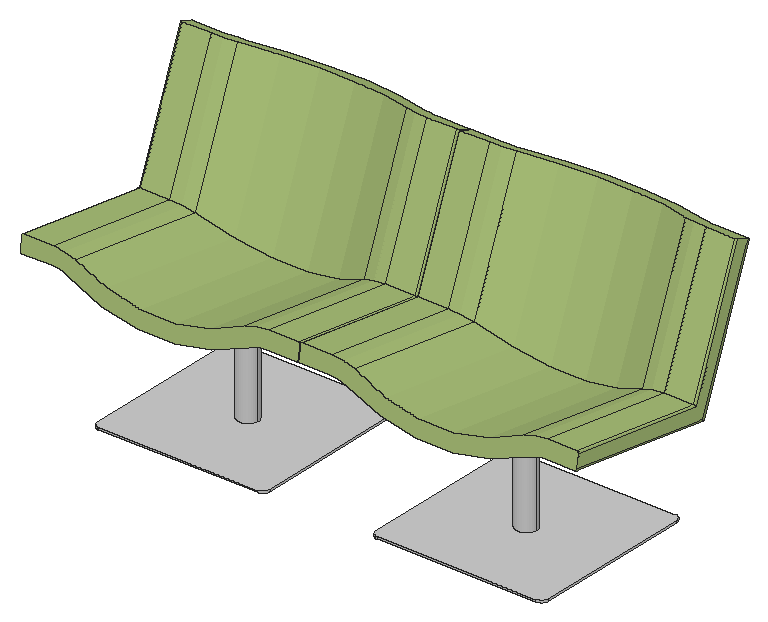
Revit family "FU_Chair_Sandler_Wave 901-21", category Furniture, Revit 2020
Family settings
  OmniClass Number = 23.40.20.00
  OmniClass Title = General Furniture and Specialties
  Work Plane-Based = No
  Always vertical = Yes
  Cut with Voids When Loaded = No
  Shared = No
  Room Calculation Point = No
Parameters (values of type "Wave 901.21")
  Width = 1640 mm
  URL = "https://www.sandlerseating.com/product/wave-901-16/"
  Seat [instance] = Fabric - Manhattan - Ellis YI365
  Model = "Wave 901.21"
  Manufacturer = "Sandler"
  Height = 790 mm
  Frame [instance] = Metal - Chrome - Brushed
  Description = "Fully upholstered sofa with matt stainless steel base. Custom length made to order."
  Depth = 740 mm
  Default Elevation = 0 mm
Reference planes
  plane 1 "Center (Front/Back)": y = 0
  plane 2: z = 0
  plane 3 "Center (Left/Right)": x = 0
  plane 4 "Right": x = -820
  plane 5 "Left": x = 820
  plane 6 "Back": y = 370
  plane 7 "Front": y = -370
  plane 8 "Height": z = 790
  plane 9 "Seat height": z = 400
  plane 10 "Seat Angle RIGHT": through (4267.2, -347.803, 362.871) normal (0, 0.1556, 0.9878)
  plane 11 "Back Angle RIGHT": through (4267.2, 180.02, 279.721) normal (0, -0.9266, 0.3761)
  plane 12 "Right Seat FRONT": x = -410.588
  plane 13 "Left Seat FRONT": x = 410.588
Forms (mm)
  Extrusion 1, solid, material "Metal - Chrome - Brushed" <- "Frame"
    sketch origin (-410.588, 36.245, 302.371) x (0, -0.987818, 0.155615) y (1, 0, 0)
      loop
        circle (46.674, 0) r 90
    from -11.483 to 10
  Extrusion 2, solid, material "Metal - Chrome - Brushed" <- "Frame"
    sketch origin (-410.588, -9.867, 400) x (-1, 0, 0) y (0, -1, 0)
      loop
        circle (0, 0) r 30
    from -400 to -87.464
  Sweep 3, solid, material "Fabric - Manhattan - Ellis YI365" <- "Seat"
    path origin (-410.588, 0, 0) x (0, 0, 1) y (0, -1, 0)
      loop
        line (362.871, 347.803) -> (279.721, -180.02) -> (744.495, -368.698)
    profile "pro_Wave_Seat : pro_Wave_Seat" origin (-410.588, -83.892, 321.296) x (0, 0.155615, 0.987818) y (1, 0, 0)
      loop
        arc (119.273, -410) -> (122.808, -408.536) -> (124.273, -405) r 5
        line (124.273, -405) -> (124.273, -317.864)
        arc (124.273, -317.864) -> (120.926, -282.712) -> (111.007, -248.822) r 186.299
        arc (111.007, -248.822) -> (49.961, 0) -> (111.007, 248.822) r 537.619
        arc (111.007, 248.822) -> (120.926, 282.712) -> (124.273, 317.864) r 186.299
        line (124.273, 317.864) -> (124.273, 405)
        arc (124.273, 405) -> (122.808, 408.536) -> (119.273, 410) r 5
        line (119.273, 410) -> (79.668, 410)
        arc (79.668, 410) -> (76.132, 408.536) -> (74.668, 405) r 5
        line (74.668, 405) -> (74.668, 317.864)
        arc (74.668, 317.864) -> (71.661, 290.477) -> (62.783, 264.394) r 126.227
        arc (62.783, 264.394) -> (0, 0) -> (62.783, -264.394) r 588.102
        arc (62.783, -264.394) -> (71.661, -290.477) -> (74.668, -317.864) r 126.227
        line (74.668, -317.864) -> (74.668, -405)
        arc (74.668, -405) -> (76.132, -408.536) -> (79.668, -410) r 5
        line (79.668, -410) -> (119.273, -410)
  Sweep 4, solid, material "Fabric - Manhattan - Ellis YI365" <- "Seat"
    path origin (410.588, 0, 0) x (0, 0, 1) y (0, 1, 0)
      loop
        line (362.871, -347.803) -> (279.721, 180.02) -> (744.495, 368.698)
    profile "pro_Wave_Seat : pro_Wave_Seat" origin (410.588, -83.892, 321.296) x (0, -0.155615, -0.987818) y (-1, 0, 0)
      loop
        line (-119.273, -410) -> (-79.668, -410)
        arc (-79.668, -410) -> (-76.132, -408.536) -> (-74.668, -405) r 5
        line (-74.668, -405) -> (-74.668, -317.864)
        arc (-74.668, -317.864) -> (-71.661, -290.477) -> (-62.783, -264.394) r 126.227
        arc (-62.783, -264.394) -> (0, 0) -> (-62.783, 264.394) r 588.102
        arc (-62.783, 264.394) -> (-71.661, 290.477) -> (-74.668, 317.864) r 126.227
        line (-74.668, 317.864) -> (-74.668, 405)
        arc (-74.668, 405) -> (-76.132, 408.536) -> (-79.668, 410) r 5
        line (-79.668, 410) -> (-119.273, 410)
        arc (-119.273, 410) -> (-122.808, 408.536) -> (-124.273, 405) r 5
        line (-124.273, 405) -> (-124.273, 317.864)
        arc (-124.273, 317.864) -> (-120.926, 282.712) -> (-111.007, 248.822) r 186.299
        arc (-111.007, 248.822) -> (-49.961, 0) -> (-111.007, -248.822) r 537.619
        arc (-111.007, -248.822) -> (-120.926, -282.712) -> (-124.273, -317.864) r 186.299
        line (-124.273, -317.864) -> (-124.273, -405)
        arc (-124.273, -405) -> (-122.808, -408.536) -> (-119.273, -410) r 5
  Extrusion 5, solid, material "Metal - Chrome - Brushed" <- "Frame"
    sketch origin (0, 0, 0) x (1, 0, 0) y (0, 1, 0)
      loop
        arc (-176.295, -265.414) -> (-162.153, -259.556) -> (-156.295, -245.414) r 20
        line (-156.295, -245.414) -> (-156.295, 226.227)
        arc (-156.295, 226.227) -> (-162.153, 240.369) -> (-176.295, 246.227) r 20
        line (-176.295, 246.227) -> (-644.881, 246.227)
        arc (-644.881, 246.227) -> (-659.023, 240.369) -> (-664.881, 226.227) r 20
        line (-664.881, 226.227) -> (-664.881, -245.414)
        arc (-664.881, -245.414) -> (-659.023, -259.556) -> (-644.881, -265.414) r 20
        line (-644.881, -265.414) -> (-176.295, -265.414)
    from 0 to 5
  Extrusion 6, solid, material "Metal - Chrome - Brushed" <- "Frame"
    sketch origin (410.588, 36.245, 302.371) x (0, -0.987818, 0.155615) y (1, 0, 0)
      loop
        circle (46.674, 0) r 90
    from -11.483 to 10
  Extrusion 7, solid, material "Metal - Chrome - Brushed" <- "Frame"
    sketch origin (410.588, -9.867, 400) x (1, 0, 0) y (0, 1, 0)
      loop
        circle (0, 0) r 30
    from -400 to -87.464
  Extrusion 8, solid, material "Metal - Chrome - Brushed" <- "Frame"
    sketch origin (0, 0, 0) x (-1, 0, 0) y (0, -1, 0)
      loop
        line (-176.295, 265.414) -> (-644.881, 265.414)
        arc (-644.881, 265.414) -> (-659.023, 259.556) -> (-664.881, 245.414) r 20
        line (-664.881, 245.414) -> (-664.881, -226.227)
        arc (-664.881, -226.227) -> (-659.023, -240.369) -> (-644.881, -246.227) r 20
        line (-644.881, -246.227) -> (-176.295, -246.227)
        arc (-176.295, -246.227) -> (-162.153, -240.369) -> (-156.295, -226.227) r 20
        line (-156.295, -226.227) -> (-156.295, 245.414)
        arc (-156.295, 245.414) -> (-162.153, 259.556) -> (-176.295, 265.414) r 20
    from 0 to 5
Lines and regions (mm)
  reference lines
    curve 1: line (-441.103, 0, 177.711) -> (-380.073, 0, 177.711)
    curve 2: line (441.103, 0, 177.711) -> (380.073, 0, 177.711)
Dimensions and locks
  equal spacing: plane 4 "Right", plane 3 "Center (Left/Right)", plane 5 "Left"
  "Width": plane 4 "Right" to plane 5 "Left"
  equal spacing: plane 6 "Back", plane 1 "Center (Front/Back)", plane 7 "Front"
  "Depth": plane 6 "Back" to plane 7 "Front"
  "Height": plane 8 "Height" to level
  plane 9 "Seat height" to level = 400 mm
  aligned and locked: level to plane 2
Automatic sketch dimensions
  Extrusion 1 sketch curve to plane 12 "Right Seat FRONT" = 0 mm
  Extrusion 2 sketch curve to plane 12 "Right Seat FRONT" = 0 mm
  plane 1 "Center (Front/Back)" to Extrusion 2 sketch curve = 9.867 mm
  Sweep 3 sketch curve to plane 10 "Seat Angle RIGHT" = 0 mm  (x2)
  Sweep 3 sketch curve to plane 11 "Back Angle RIGHT" = 0 mm  (x2)
  plane 7 "Front" to Sweep 3 sketch curve = 22.197 mm
  Sweep 3 sketch curve to plane 6 "Back" = 1.302 mm
  curve 1 to plane 12 "Right Seat FRONT" = 30.515 mm
  plane 12 "Right Seat FRONT" to curve 1 = 30.515 mm
  level to curve 1 = 177.711 mm
  plane 13 "Left Seat FRONT" to curve 2 = 30.515 mm
  curve 2 to plane 13 "Left Seat FRONT" = 30.515 mm
  level to curve 2 = 177.711 mm
  Sweep 4 sketch curve to plane 10 "Seat Angle RIGHT" = 0 mm  (x2)
  Sweep 4 sketch curve to plane 11 "Back Angle RIGHT" = 0 mm  (x2)
  plane 7 "Front" to Sweep 4 sketch curve = 22.197 mm
  Sweep 4 sketch curve to plane 6 "Back" = 1.302 mm
  Extrusion 5 sketch curve to plane 4 "Right" = 155.119 mm
  Extrusion 5 sketch curve to Extrusion 5 sketch curve = 20 mm  (x3)
  Extrusion 5 sketch curve to plane 3 "Center (Left/Right)" = 176.295 mm  (x2)
  plane 7 "Front" to Extrusion 5 sketch curve = 104.586 mm
  Extrusion 5 sketch curve to plane 6 "Back" = 143.773 mm
  Extrusion 6 sketch curve to plane 13 "Left Seat FRONT" = 0 mm
  Extrusion 7 sketch curve to plane 13 "Left Seat FRONT" = 0 mm
  Extrusion 7 sketch curve to plane 1 "Center (Front/Back)" = 9.867 mm
  Extrusion 8 sketch curve to plane 5 "Left" = 155.119 mm
  Extrusion 8 sketch curve to Extrusion 8 sketch curve = 20 mm  (x3)
  Extrusion 8 sketch curve to plane 3 "Center (Left/Right)" = 176.295 mm  (x2)
  Extrusion 8 sketch curve to plane 7 "Front" = 104.586 mm
  plane 6 "Back" to Extrusion 8 sketch curve = 143.773 mm
  radius of Extrusion 1 sketch curve = 90 mm
  radius of Extrusion 2 sketch curve = 30 mm
  radius of Extrusion 6 sketch curve = 90 mm
  radius of Extrusion 7 sketch curve = 30 mm
